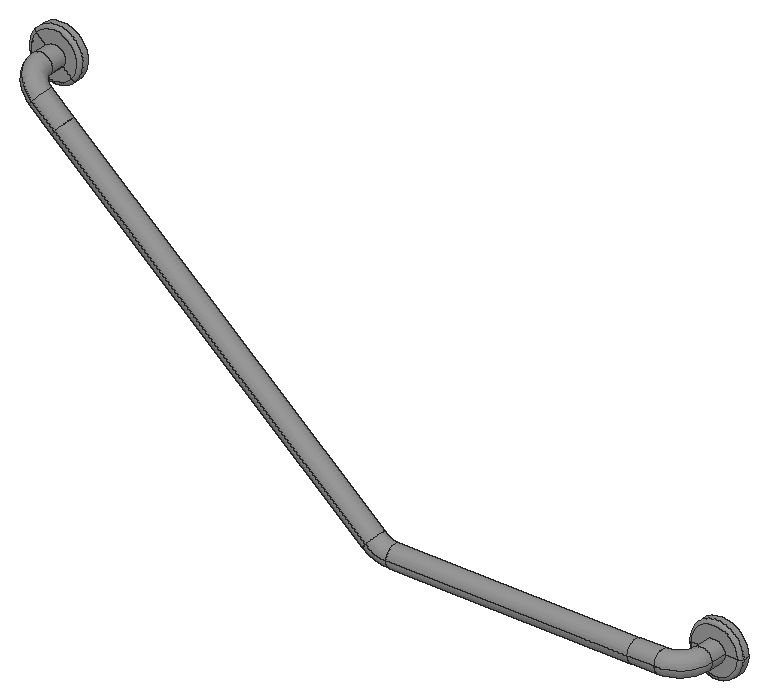
Revit family "rba-bim-rba4040-002", category Generic Models, Revit 2015
Parameters (values of type "RBA4040-002")
  Watermarked By = "www.rba.com.au"
  URL = "http://www.rba.com.au/accessible-disabled/grab-rails"
  Phone Number = "1300 788 778"
  OFFSET [instance] = 800 mm
  Modified Issue = "20161201.01"
  Model = "RBA4040-002"
  Manufacturer = "RBA Group"
  Lgth = 900 mm
  Grab Rail = Satin Stainless Steel Finish
  Diameter = 32 mm
  Description = "40° Angled Grab Rail"
  Copyrighted by = "RBA Group"  # constant formula
Reference planes
  plane 1 "Center (Front/Back)": y = 0
  plane 2: z = 0
  plane 3 "Center (Left/Right)": x = 0
  plane 4: z = 800
Dimensions and locks
  "OFFSET": plane 4 to level
  locked: plane 4 to nested 1 at 16.001
  locked: plane 3 "Center (Left/Right)" to nested 1 at 16
  aligned and locked: level to plane 2
  aligned and locked: plane 1 "Center (Front/Back)" to nested 1
Nested families
  nested 1: "rba-bim-rba4040-002" at (635.881, 0, 783.999), type "RBA4040-002"
    with R_Void 15 mm, R 0 mm
Definition of nested family "rba-bim-rba4040-002"
  Parameters (values of type "RBA4040-002")
    Watermarked By = "www.rba.com.au"
    URL = "http://www.rba.com.au/accessible-disabled/grab-rails"
    R_Void [instance] = 15 mm
    R [instance] = 0 mm
    Model = "RBA4040-002"
    Manufacturer = "RBA Group"
    Description = "40° Angled Grab Rail"
    Bar = none
    Assembly Code = ""
  Reference planes
    plane 1 "Center (Front/Back)": y = 0
    plane 2: z = 0
    plane 3: x = 753.767
    plane 4: through (-636.231, -4572, 449.951) normal (0.6428, 0, 0.766)
    plane 5: z = 30
    plane 6: x = 377.497
    plane 7: x = 322.497
    plane 8: through (-487.724, 25.441, 420.139) normal (-0.0023, 0, -1)
    plane 9: through (-664.451, 25.441, 350.847) normal (-1, 0, 0.0023)
    plane 10: through (-609.451, 25.441, 350.718) normal (-1, 0, 0.0023)
    plane 11: y = -55
    plane 12: x = -100
    plane 13: x = 349.997
    plane 14: through (-100, -4572, 0) normal (0.766, 0, -0.6428)
    plane 15: through (-636.231, -4572, 449.951) normal (0.766, 0, -0.6428)
  Forms (mm)
    Extrusion 1, solid
      sketch origin (349.997, -2.628, 315.907) x (0, 0, -1) y (-1, 0, 0)
        loop
          circle (315.907, 0) r 37.5
      from -0.219 to 2.628
    Revolve 2, solid, material <- "Bar"
      sketch origin (349.997, 18.663, 0) x (0, -1, 0) y (1, 0, 0)
        loop
          line (18.663, 0) -> (18.663, -39) -> (27.902, -39)
          arc (27.902, -39) -> (31.396, -37.577) -> (32.901, -34.117) r 5
          line (32.901, -34.117) -> (33.701, 0) -> (18.663, 0)
        axis (18.663, 0) -> (33.701, 0)
      angle from 0 to 360
    Sweep 3, solid, material <- "Bar"
      path origin (349.997, 11.454, 0) x (0, -1, 0) y (1, 0, 0)
        loop
          line (14.302, 0) -> (50.454, 0)
          arc (50.454, 0) -> (73.082, -9.373) -> (82.454, -32) r 32
          line (82.454, -32) -> (82.454, -76)
      profile origin (349.997, -20.924, 0) x (1, 0, 0) y (0, 0, 1)
        loop
          circle (0, 0) r 16
    Extrusion 4, void
      sketch origin (349.997, 34.941, 315.907) x (0, 0, -1) y (-1, 0, 0)
        loop
          circle (315.907, -27.5) r 3
        loop
          circle (315.907, 27.5) r 3
      from -37.788 to -30
    Extrusion 5, solid
      sketch origin (-839.859, -2.628, 208.429) x (0.64458, 0, 0.764537) y (0.764537, 0, -0.64458)
        loop
          circle (315.907, 0) r 37.5
      from -0.219 to 2.628
    Revolve 6, solid, material <- "Bar"
      sketch origin (-636.231, 18.663, 449.951) x (0, -1, 0) y (-0.764537, 0, 0.64458)
        loop
          line (18.663, 0) -> (18.663, -39) -> (27.902, -39)
          arc (27.902, -39) -> (31.396, -37.577) -> (32.901, -34.117) r 5
          line (32.901, -34.117) -> (33.701, 0) -> (18.663, 0)
        axis (18.663, 0) -> (33.701, 0)
      angle from 0 to 360
    Extrusion 7, void
      sketch origin (-637.458, 34.941, 134.582) x (0.002342, 0, 0.999997) y (0.999997, 0, -0.002342)
        loop
          circle (314.031, -28.485) r 3
        loop
          circle (315.907, 27.5) r 3
      from -37.788 to -30
    Sweep 8, solid, material <- "Bar"
      path origin (-1021.554, 11.454, -9.969) x (0, -1, 0) y (0.766044, 0, -0.642788)
        loop
          line (15.454, 0) -> (50.454, 0)
          arc (50.454, 0) -> (73.082, 9.373) -> (82.454, 32) r 32
          line (82.454, 32) -> (82.454, 76)
      profile origin (-1021.554, -21.5, -9.969) x (0.766044, 0, -0.642788) y (0.642788, 0, 0.766044)
        loop
          circle (0, 600) r 16
    Sweep 9, solid, material <- "Bar"
      path origin (909.85, 2, 0) x (1, 0, 0) y (0, 0, 1)
        loop
          line (-632.083, 0) -> (-992.379, 0)
          arc (-992.379, 0) -> (-1008.796, 2.895) -> (-1023.233, 11.23) r 48
          line (-1023.233, 11.23) -> (-1487.512, 400.806)
      profile origin (97.619, 2, 0) x (0, 0, -1) y (0, -1, 0)
        loop
          circle (0, 73) r 16
  Cuts and joins
    Extrusion 4 cuts Extrusion 1
    Extrusion 7 cuts Extrusion 5
    Extrusion 4 cuts Revolve 2
    Extrusion 7 cuts Revolve 6
    joined: Revolve 2, Sweep 3, Revolve 6, Sweep 8, Sweep 9
  Text (mm)
    text "Centre radius of bend is 48" at (0.214, 0, 242.365), in view "Front"
  Dimensions and locks
    Revolve 2 sketch curve to Revolve 2 sketch curve = 39 mm
    plane 7 to plane 6 = 55 mm
    Revolve 6 sketch curve to Revolve 6 sketch curve = 39 mm
    plane 10 to plane 9 = 55 mm
    plane 13 to plane 12 = 449.997 mm
    plane 14 to plane 15 = 700 mm
    radius of Extrusion 1 sketch curve = 37.5 mm
    radius of Sweep 3 sketch curve = 16 mm
    radius of Extrusion 5 sketch curve = 37.5 mm
    radius of Sweep 8 sketch curve = 16 mm
    angle plane 4 to level = 40.00°
    aligned and locked: Revolve 2 to Extrusion 1
    aligned and locked: Revolve 6 to Extrusion 5
  Nested families
    nested 1: "FamilyID" at (-675.231, -0.025, 0), type "FamilyID"
  Definition of nested family "FamilyID"
    Reference planes
      plane 1: y = 0
      plane 2: x = 0
    Text (mm)
      text "RBA COPYRIGHT" at (0.001, 0.001, 0)
